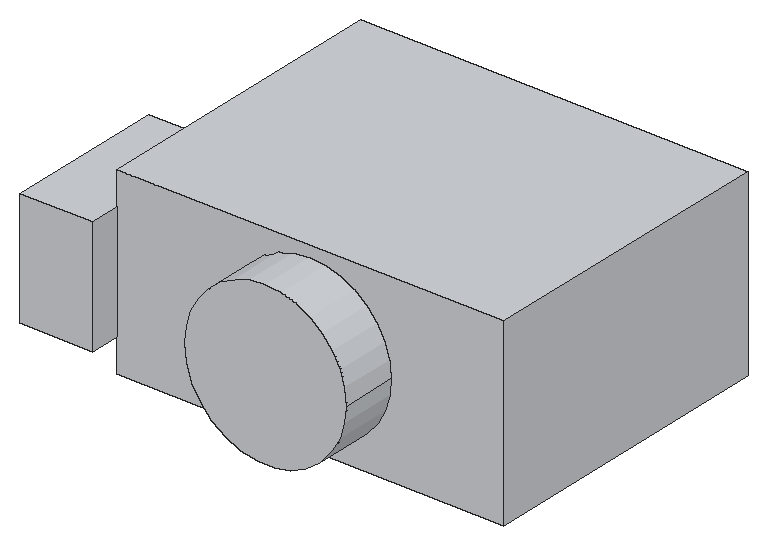
Revit family "EZTS(24x16)+ NO HWC", category Mechanical Equipment, Revit 2018
Family settings
  Round Connector Dimension = Use Radius
  Part Type = Normal
  Work Plane-Based = No
  Always vertical = Yes
  Cut with Voids When Loaded = No
  Shared = No
  Room Calculation Point = No
Parameters (values of type "EZTS(24x16)+ With Controller LH")
  Width = 38"
  URL = "https://www.anemostat-hvac.com"
  Model = "EZTS+"
  Manufacturer = "Anemostat Products"
  Length = 30"
  Inlet Depth = 5 7/16"
  Inlet Center = Height / 2  # 9"
  Height = 18"
  Duct Inlet Dia = 15 7/8"
  Duct Discharge Width = 38"
  Duct Discharge Height = 18"
  Description = "SINGLE DUCT AIR TERMINAL WITH INTEGRAL"
  Controller Right = no
  Controller Offset = 3"
  Controller Length = 14 7/32"
  Controller Left = yes
  Controller Depth = 7 1/8"
  Controller Center = 5.68982"
Types (4): name | Description | Controller Right | Controller Left
  (no name) | "SINGLE DUCT AIR TERMINAL WITH INTEGRAL" | no | yes
  EZTS(24x16)+ with NO Controller | "SINGLE DUCT AIR TERMINAL WITH INTEGRAL" | no | no
  EZTS(24x16)+ With Controller RH | "SINGLE DUCT AIR TERMINAL WITH INTEGRAL ATTENUATOR" | yes | no
  EZTS(24x16)+ With Controller LH | "SINGLE DUCT AIR TERMINAL WITH INTEGRAL" | no | yes
Reference planes (in)
  plane 1 "Center (Front/Back)": y = 0
  plane 2: z = 0
  plane 3 "Center (Left/Right)": x = 0
  plane 4 "Left side": x = -19
  plane 5 "Right Side": x = 19
  plane 6: z = 18
  plane 7 "Back of Box": y = 30
  plane 8: x = -12
  plane 9: x = 12
  plane 10: z = 17
  plane 11: z = 1
  plane 12: x = -11.967
  plane 13: x = 11.967
  plane 14: z = 16.967
  plane 15: z = 1.033
  plane 16 "Back of HWC": y = 35
  plane 17: y = 31.75
  plane 18: z = 17.46875
  plane 19: z = 1.15234
  plane 20: y = 33.25
  plane 21 "Center Inlet": z = 9
  plane 22 "controller side": x = -26.125
  plane 23 "controller front": y = -3
  plane 24 "controller back": y = 12.875
  plane 25: z = 14.68982
  plane 26: z = 3.31018
  plane 27 "Controller Right": x = 26.125
Forms (in)
  Extrusion 1, solid
    sketch origin (0, 0, 0) x (1, 0, 0) y (0, 0, 1)
      loop
        line (-19, 18) -> (-19, 0) -> (19, 0) -> (19, 18) -> (-19, 18)
    from 0 to -30
  Extrusion 2, solid
    sketch origin (0, 0, 0) x (1, 0, 0) y (0, 0, 1)
      loop
        circle (0, 9) r 7.9375
    from 0 to 5.4375 <- "Inlet Depth"
  Extrusion 3, solid, visible <- "Controller Left"
    sketch origin (-26.125, 0, 0) x (0, 1, 0) y (0, 0, 1)
      loop
        line (12.875, 14.68982) -> (-3, 14.68982) -> (-3, 3.31018) -> (12.875, 3.31018) -> (12.875, 14.68982)
    from 0 to 7.125 <- "Controller Depth"
  Extrusion 4, solid, visible <- "Controller Right"
    sketch origin (19, 0, 0) x (0, 0, 1) y (0, -1, 0)
      loop
        line (14.68982, 3) -> (3.31018, 3) -> (3.31018, -12.875) -> (14.68982, -12.875) -> (14.68982, 3)
    from 0 to 7.125 <- "Controller Depth"
Dimensions and locks (in)
  equal spacing: plane 5 "Right Side", plane 3 "Center (Left/Right)", plane 4 "Left side"
  "Width": plane 5 "Right Side" to plane 4 "Left side"
  "Height": plane 6 to level
  "Length": plane 7 "Back of Box" to plane 1 "Center (Front/Back)"
  plane 4 "Left side" to plane 8 to plane 3 "Center (Left/Right)" = 7", 12"
  equal spacing: plane 9, plane 3 "Center (Left/Right)", plane 8
  locked: plane 7 "Back of Box" to plane 17 at 1.75
  locked: plane 6 to plane 18 at 0.53125
  locked: plane 19 to level at 1.15234
  locked: plane 7 "Back of Box" to plane 20 at 3.25
  "Inlet Center": plane 21 "Center Inlet" to level
  "Duct Inlet Dia": plane 24 "controller back" to plane 23 "controller front"
  "Controller Offset": plane 1 "Center (Front/Back)" to plane 23 "controller front"
  "Controller Depth": plane 22 "controller side" to plane 4 "Left side"
  "Controller Center": plane 25 to plane 21 "Center Inlet"
  "Controller Center": plane 26 to plane 21 "Center Inlet"
  "Controller Depth": plane 27 "Controller Right" to Extrusion 1
  "Duct Inlet Dia": diameter of Extrusion 2 sketch curve
  aligned and locked: Extrusion 1 to plane 7 "Back of Box"
  aligned and locked: Extrusion 3 sketch curve to plane 25
  aligned and locked: Extrusion 3 sketch curve to plane 24 "controller back"
  aligned and locked: Extrusion 3 sketch curve to plane 26
  aligned and locked: Extrusion 3 sketch curve to plane 23 "controller front"
  aligned and locked: Extrusion 4 sketch curve to plane 24 "controller back"
  aligned and locked: Extrusion 4 sketch curve to plane 25
  aligned and locked: Extrusion 4 sketch curve to plane 26
  aligned and locked: Extrusion 4 sketch curve to plane 23 "controller front"
Automatic sketch dimensions
  Extrusion 1 sketch curve to level = 0"
  Extrusion 1 sketch curve to plane 4 "Left side" = 0"
  Extrusion 1 sketch curve to plane 5 "Right Side" = 0"
  Extrusion 1 sketch curve to plane 6 = 0"
  Extrusion 2 sketch curve to plane 3 "Center (Left/Right)" = 0"
  Extrusion 2 sketch curve to plane 21 "Center Inlet" = 0"
Connectors (in)
  hvac at (0, -5.4375, 9), driven by "Duct Inlet Dia"
    settings: on Extrusion 2, index 5, duct flow 0 CFM, flow factor 0, pres drop 0.00 in-wg, loss coef 0, conn angle 0.00°, conn width 12", conn height 12", conn diameter 31 3/4", duct sys type 1, conn prof type 0, flow config 0, flow direction 1, loss method 0, conn ref index -1, conn util no, is conn primary yes, conn desc ""
  electrical at (26.125, 4.9375, 9)
    settings: on Extrusion 4, index 6, voltage 0 V, apparent load 0 VA, apparent load phase1 0 VA, apparent load phase2 0 VA, apparent load phase3 0 VA, power factor 1, load classification "Other", number of poles 1, system type 31, power factor state 1, is connector primary yes, connector utility no, sub classification motor no, connector description ""
  electrical at (-26.125, 4.9375, 9)
    settings: on Extrusion 3, index 7, voltage 0 V, apparent load 0 VA, apparent load phase1 0 VA, apparent load phase2 0 VA, apparent load phase3 0 VA, power factor 1, load classification "Other", number of poles 1, system type 31, power factor state 1, is connector primary no, connector utility no, sub classification motor no, connector description ""
  hvac at (0, 30, 9), driven by "Height", driven by "Width"
    settings: on Extrusion 1, index 8, duct flow 0 CFM, flow factor 0, pres drop 0.00 in-wg, loss coef 0, conn angle 0.00°, conn width 38", conn height 18", conn diameter 24", duct sys type 1, conn prof type 1, flow config 0, flow direction 2, loss method 0, conn ref index -1, conn util no, is conn primary no, conn desc ""
